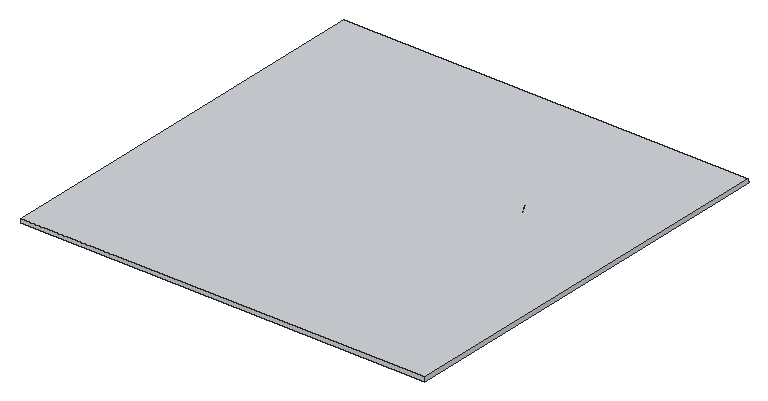
Revit family "Tyco_FireDtctnAlmCtrlIndctEquip_FireClass-AddressableOpticalSmokeDetector", category Fire Alarm Devices, host Face, Revit 2013
Parameters (values of type "FC460P")
  Weight = "(Excluding Base) 76g"
  WarrantyStartDate [instance] = "1900-12-31T23:59:59"
  WarrantyGuarantorParts = "Contact your supplier. If you don’t have your supplier contact details please contact (tfsuk.service@tycoint.com) or (tfseu.service@tycoint.com)"
  WarrantyGuarantorLabor = "Contact your supplier. If you don’t have your supplier contact details please contact (tfsuk.service@tycoint.com) or (tfseu.service@tycoint.com)"
  WarrantyDurationUnit = "Year"
  WarrantyDurationParts = "1.5 years"
  WarrantyDurationLabor = "1.5 years"
  WarrantyDescription = "n/a"
  Voltage = "20 – 40 VDC"
  Version = "1"
  UsageCurrent = "250μA"
  Uniclass2 = "Ee_40_15_75"
  URL = "https://fireclass.co.uk/en/emea/Pages/ProductDetail.aspx?productdetail=FireClass+Fire+Alarm+Addressable+Optical+Flame+Detector+FC460P"
  Type Comments = "Only 4B_Detector or 4B-I_Isolator Detector Bases can be used with FC460P Detector"
  TimeConstant = "n/a"
  TagNumber [instance] = "n/a"
  SustainabilityPerformance = "n/a"
  StorageTemperature = "-40 °C to +80 °C"
  SmokeSensorRange = "n/a"
  Size = "n/a"
  ShortCircuitIsolators = no
  Shape = "n/a"
  SerialNumber [instance] = "n/a"
  Revision = "n/a"
  ReplacementCost = "n/a"
  RelativeHumidity = "95%(non-condensing)"
  Reference = "n/a"
  QuiescentCurrent = "250μA"
  ProductSpecification = "FC460P Addressable Optical Smoke Detector without built in- line isolator and IR Communication Link"
  ProductInformation = "https://fireclass.co.uk/en/emea/Pages/ProductDetail.aspx?productdetail=FireClass+Fire+Alarm+Addressable+Optical+Flame+Detector+FC460P"
  ProductCodes = "516.460.502"
  PressureSensorSetPoint = "n/a"
  PhaseReference = "n/a"
  PhaseAngle = 0.00°
  OperationTemperatureRange = "-25 °C to +70 °C"
  NumberOfPoles = 0
  NominalWidth = 108 mm
  NominalVoltage = "40 V DC"
  NominalLength = 108 mm
  NominalHeight = 42 mm
  NominalFrequencyRange = "n/a"
  NominalDiameter = 108 mm
  NominalCurrent = "n/a"
  Name = "FC460P-Addressable Optical Smoke Detector without built in- line isolator"
  NBSReference = "90-75-30/380"
  NBSDescription = "Fire detection and alarm control and indicating equipment (CIE)"
  ModelReference = "n/a"
  ModelNumber = "FC460P"
  Model = "FC460P"
  Material = "Flame Retardant-FR3010 ‘BAYBLEND'"
  ManufacturerURL = "www.fireclass.net"
  ManufacturerName = "Tyco Fire Protection Products"
  Manufacturer = "Tyco Fire Protection Products"  # constant formula
  InsulationStandardClass = "n/a"
  InstallationDate [instance] = "1900-12-31T23:59:59"
  IfcTypeObject = "IfcBuildingElementProxy"
  IfcExportType = "SMOKESENSOR"
  IfcExportAs = "IfcSensorType"
  IPCode = "IP44"
  HasProtectiveEarth = no
  HasBuiltInAlarm = no
  Grade = "n/a"
  Finish = "n/a"
  Features = "Addressable Optical Smoke Sensor"
  ExpectedLife = "n/a"
  ElectricalDeviceNominalPower = "n/a"
  DurationUnit = "Year"
  DeviceBases = "4B_Detector Base/4B-I_Isolator Detector Base"
  DetectorType = "Smoke Detector"
  Detector Color = Plastic Material White
  Detector Base [instance] = 4B series Detector Bases : 4B_Detector_Base
  Description = "FC460P Addressable Optical Smoke Detector without built in- line isolator and IR Communication Link"
  Default Elevation = 1200 mm
  CoverageArea = "n/a"
  Constituents = "n/a"
  Color = "White"
  CodePerformance = "n/a"
  Category = "Ee_40_15_75"
  Brand = "FireClass"
  BarCode [instance] = "n/a"
  BIMObjectName = "Tyco_FireDtctnAlmCtrlIndctEquip_FireClass-AddressableOpticalSmokeDetector-FC460P"
  Author = "Tyco Fire Protection Products"
  AssetType = "Moveable"
  AssetIdentifier [instance] = "n/a"
  AlarmCurrent = "3.3mA"
  AccuracyOfSmokeSensor = "n/a"
  AccessibilityPerformance = "n/a"
Reference planes
  plane 1 "Center (Front/Back)": y = 0
  plane 2: z = 0
  plane 3 "Center (Left/Right)": x = 0
  plane 4 "Base Ref": z = -13
  plane 5: z = -55
Forms (mm)
  Extrusion 1, solid
    sketch origin (0, 0, 0) x (1, 0, 0) y (0, 1, 0)
      loop
        line (-100, 100) -> (-100, -100) -> (100, -100) -> (100, 100) -> (-100, 100)
    from 0 to 2
Lines and regions (mm)
  symbolic lines
    curve 1: circle (0, 0, 0) r 55 normal (0, 0, 1)
    curve 2: circle (0, 0, 0) r 27.844 normal (0, 0, 1)
    curve 3: line (-54.5, 0, 0) -> (54.5, 0, 0)
    curve 63: line (0, 54.516, 0) -> (0, -54.509, 0)
  symbolic lines, detail levels medium+fine
    curve 4: line (54.5, 0, 0) -> (54, 0, -13)
    curve 5: line (54, 0, -13) -> (-54, 0, -13)
    curve 6: line (-54, 0, -13) -> (-54.5, 0, 0)
    curve 7: arc (-37.856, 0, -36.4) -> (-41.005, 0, -33.439) -> (-44.898, 0, -31.56) r 14.24
    curve 8: arc (-53.231, 0, -21.704) -> (-50.512, 0, -27.856) -> (-44.898, 0, -31.56) r 11.931
    curve 9: arc (-37.856, 0, -36.4) -> (-35.038, 0, -40.489) -> (-32.735, 0, -44.888) r 41.028
    curve 10: arc (-32.735, 0, -44.888) -> (-28.969, 0, -50.351) -> (-22.82, 0, -52.844) r 11.564
    curve 11: arc (0, 0, -55) -> (-11.461, 0, -54.465) -> (-22.82, 0, -52.844) r 120.632
    curve 12: line (-53.231, 0, -21.704) -> (-54, 0, -13)
    curve 13: arc (37.856, 0, -36.4) -> (41.005, 0, -33.439) -> (44.898, 0, -31.56) r 14.24
    curve 14: arc (53.231, 0, -21.704) -> (50.512, 0, -27.856) -> (44.898, 0, -31.56) r 11.931
    curve 15: arc (37.856, 0, -36.4) -> (35.038, 0, -40.489) -> (32.735, 0, -44.888) r 41.028
    curve 16: arc (32.735, 0, -44.888) -> (28.969, 0, -50.351) -> (22.82, 0, -52.844) r 11.564
    curve 17: arc (0, 0, -55) -> (11.461, 0, -54.465) -> (22.82, 0, -52.844) r 120.632
    curve 18: line (53.231, 0, -21.704) -> (54, 0, -13)
    curve 19: spline (-22.136, 0, -44.829) -> (-22.285, 0, -44.257) -> (-22.444, 0, -43.692) -> (-22.614, 0, -43.133) -> (-22.795, 0, -42.58) -> (-22.986, 0, -42.035) -> (-23.187, 0, -41.497) -> (-23.398, 0, -40.966) -> (-23.619, 0, -40.444) -> (-23.851, 0, -39.931) -> (-24.091, 0, -39.426) -> (-24.341, 0, -38.931) -> (-24.601, 0, -38.445)
    curve 20: spline (-24.601, 0, -38.445) -> (-24.702, 0, -38.266) -> (-24.8, 0, -38.089) -> (-24.896, 0, -37.913) -> (-24.989, 0, -37.739) -> (-25.079, 0, -37.565) -> (-25.167, 0, -37.393) -> (-25.251, 0, -37.223) -> (-25.333, 0, -37.055) -> (-25.411, 0, -36.888) -> (-25.487, 0, -36.723) -> (-25.559, 0, -36.561) -> (-25.629, 0, -36.4)
    curve 21: spline (-16.99, 0, -52.18) -> (-17.571, 0, -51.85) -> (-18.133, 0, -51.46) -> (-18.674, 0, -51.012) -> (-19.19, 0, -50.509) -> (-19.678, 0, -49.954) -> (-20.135, 0, -49.35) -> (-20.561, 0, -48.7) -> (-20.951, 0, -48.007) -> (-21.304, 0, -47.275) -> (-21.617, 0, -46.509) -> (-21.89, 0, -45.712) -> (-22.121, 0, -44.888)
    curve 22: spline (-15.029, 0, -52.569) -> (-15.179, 0, -52.575) -> (-15.34, 0, -52.573) -> (-15.509, 0, -52.563) -> (-15.684, 0, -52.545) -> (-15.863, 0, -52.52) -> (-16.042, 0, -52.488) -> (-16.219, 0, -52.45) -> (-16.391, 0, -52.405) -> (-16.557, 0, -52.355) -> (-16.713, 0, -52.3) -> (-16.858, 0, -52.241) -> (-16.99, 0, -52.179)
    curve 23: line (-8.615, 0, -52.569) -> (-15.029, 0, -52.569)
    curve 24: spline (-7.74, 0, -52.193) -> (-7.718, 0, -52.242) -> (-7.714, 0, -52.29) -> (-7.729, 0, -52.336) -> (-7.763, 0, -52.379) -> (-7.816, 0, -52.418) -> (-7.886, 0, -52.454) -> (-7.973, 0, -52.486) -> (-8.076, 0, -52.513) -> (-8.193, 0, -52.535) -> (-8.323, 0, -52.552) -> (-8.464, 0, -52.563) -> (-8.615, 0, -52.569)
    curve 25: spline (-9.631, 0, -44.858) -> (-9.546, 0, -45.688) -> (-9.446, 0, -46.491) -> (-9.331, 0, -47.263) -> (-9.201, 0, -48) -> (-9.057, 0, -48.698) -> (-8.9, 0, -49.353) -> (-8.732, 0, -49.961) -> (-8.552, 0, -50.519) -> (-8.361, 0, -51.024) -> (-8.162, 0, -51.472) -> (-7.955, 0, -51.863) -> (-7.74, 0, -52.193)
    curve 26: spline (-10.535, 0, -38.446) -> (-10.44, 0, -38.934) -> (-10.348, 0, -39.431) -> (-10.26, 0, -39.938) -> (-10.175, 0, -40.454) -> (-10.093, 0, -40.978) -> (-10.016, 0, -41.511) -> (-9.942, 0, -42.052) -> (-9.872, 0, -42.6) -> (-9.806, 0, -43.155) -> (-9.743, 0, -43.716) -> (-9.685, 0, -44.285) -> (-9.631, 0, -44.858)
    curve 27: spline (-11.314, 0, -36.4) -> (-11.222, 0, -36.558) -> (-11.135, 0, -36.719) -> (-11.053, 0, -36.883) -> (-10.976, 0, -37.048) -> (-10.903, 0, -37.216) -> (-10.836, 0, -37.386) -> (-10.773, 0, -37.558) -> (-10.715, 0, -37.732) -> (-10.663, 0, -37.908) -> (-10.615, 0, -38.086) -> (-10.573, 0, -38.265) -> (-10.535, 0, -38.446)
    curve 28: line (-11.314, 0, -36.4) -> (-25.629, 0, -36.4)
    curve 29: line (25.629, 0, -36.4) -> (11.314, 0, -36.4)
    curve 30: spline (10.566, 0, -38.296) -> (10.604, 0, -38.131) -> (10.646, 0, -37.967) -> (10.693, 0, -37.804) -> (10.745, 0, -37.642) -> (10.8, 0, -37.482) -> (10.861, 0, -37.322) -> (10.926, 0, -37.165) -> (10.995, 0, -37.008) -> (11.068, 0, -36.854) -> (11.146, 0, -36.701) -> (11.228, 0, -36.549) -> (11.314, 0, -36.4)
    curve 31: spline (9.631, 0, -44.858) -> (9.686, 0, -44.27) -> (9.747, 0, -43.687) -> (9.811, 0, -43.111) -> (9.879, 0, -42.542) -> (9.951, 0, -41.981) -> (10.028, 0, -41.428) -> (10.108, 0, -40.883) -> (10.192, 0, -40.346) -> (10.28, 0, -39.819) -> (10.371, 0, -39.301) -> (10.467, 0, -38.794) -> (10.566, 0, -38.296)
    curve 32: spline (7.762, 0, -52.162) -> (7.974, 0, -51.829) -> (8.179, 0, -51.436) -> (8.376, 0, -50.987) -> (8.564, 0, -50.482) -> (8.742, 0, -49.926) -> (8.909, 0, -49.32) -> (9.063, 0, -48.669) -> (9.205, 0, -47.976) -> (9.334, 0, -47.244) -> (9.448, 0, -46.478) -> (9.547, 0, -45.681) -> (9.631, 0, -44.858)
    curve 33: spline (8.688, 0, -52.569) -> (8.521, 0, -52.575) -> (8.364, 0, -52.572) -> (8.22, 0, -52.562) -> (8.091, 0, -52.543) -> (7.979, 0, -52.517) -> (7.884, 0, -52.483) -> (7.81, 0, -52.443) -> (7.757, 0, -52.396) -> (7.725, 0, -52.344) -> (7.716, 0, -52.288) -> (7.729, 0, -52.227) -> (7.764, 0, -52.163)
    curve 34: line (8.688, 0, -52.569) -> (15.092, 0, -52.569)
    curve 35: spline (17.057, 0, -52.145) -> (16.931, 0, -52.199) -> (16.791, 0, -52.252) -> (16.637, 0, -52.303) -> (16.473, 0, -52.352) -> (16.301, 0, -52.397) -> (16.124, 0, -52.438) -> (15.944, 0, -52.474) -> (15.763, 0, -52.505) -> (15.585, 0, -52.53) -> (15.413, 0, -52.55) -> (15.247, 0, -52.563) -> (15.092, 0, -52.569)
    curve 36: spline (22.121, 0, -44.888) -> (21.893, 0, -45.704) -> (21.623, 0, -46.494) -> (21.313, 0, -47.254) -> (20.965, 0, -47.98) -> (20.58, 0, -48.668) -> (20.161, 0, -49.314) -> (19.709, 0, -49.916) -> (19.228, 0, -50.469) -> (18.719, 0, -50.971) -> (18.186, 0, -51.419) -> (17.631, 0, -51.811) -> (17.057, 0, -52.145)
    curve 37: spline (24.552, 0, -38.534) -> (24.296, 0, -39.018) -> (24.049, 0, -39.512) -> (23.812, 0, -40.015) -> (23.584, 0, -40.526) -> (23.366, 0, -41.046) -> (23.157, 0, -41.574) -> (22.959, 0, -42.109) -> (22.77, 0, -42.652) -> (22.592, 0, -43.202) -> (22.425, 0, -43.758) -> (22.268, 0, -44.32) -> (22.121, 0, -44.888)
    curve 38: spline (25.629, 0, -36.4) -> (25.553, 0, -36.565) -> (25.475, 0, -36.732) -> (25.394, 0, -36.903) -> (25.31, 0, -37.075) -> (25.224, 0, -37.25) -> (25.135, 0, -37.428) -> (25.044, 0, -37.607) -> (24.95, 0, -37.789) -> (24.854, 0, -37.973) -> (24.756, 0, -38.158) -> (24.655, 0, -38.345) -> (24.552, 0, -38.534)
    curve 39: spline (-5.342, 0, -52.17) -> (-5.554, 0, -51.838) -> (-5.76, 0, -51.446) -> (-5.958, 0, -50.996) -> (-6.146, 0, -50.492) -> (-6.324, 0, -49.935) -> (-6.492, 0, -49.329) -> (-6.647, 0, -48.677) -> (-6.789, 0, -47.982) -> (-6.918, 0, -47.249) -> (-7.032, 0, -46.481) -> (-7.132, 0, -45.683) -> (-7.216, 0, -44.858)
    curve 40: spline (-7.216, 0, -44.858) -> (-7.282, 0, -44.168) -> (-7.354, 0, -43.485) -> (-7.431, 0, -42.812) -> (-7.514, 0, -42.149) -> (-7.603, 0, -41.497) -> (-7.697, 0, -40.857) -> (-7.796, 0, -40.228) -> (-7.901, 0, -39.612) -> (-8.011, 0, -39.01) -> (-8.125, 0, -38.421) -> (-8.245, 0, -37.848) -> (-8.369, 0, -37.289)
    curve 41: spline (-8.369, 0, -37.289) -> (-8.387, 0, -37.213) -> (-8.403, 0, -37.138) -> (-8.418, 0, -37.063) -> (-8.433, 0, -36.988) -> (-8.447, 0, -36.913) -> (-8.46, 0, -36.839) -> (-8.471, 0, -36.765) -> (-8.482, 0, -36.691) -> (-8.492, 0, -36.618) -> (-8.502, 0, -36.545) -> (-8.51, 0, -36.472) -> (-8.517, 0, -36.4)
    curve 42: line (8.517, 0, -36.4) -> (-8.517, 0, -36.4)
    curve 43: spline (8.517, 0, -36.4) -> (8.51, 0, -36.474) -> (8.501, 0, -36.548) -> (8.491, 0, -36.622) -> (8.481, 0, -36.697) -> (8.47, 0, -36.772) -> (8.457, 0, -36.847) -> (8.444, 0, -36.923) -> (8.43, 0, -37) -> (8.415, 0, -37.076) -> (8.399, 0, -37.153) -> (8.383, 0, -37.231) -> (8.365, 0, -37.308)
    curve 44: spline (8.365, 0, -37.308) -> (8.241, 0, -37.866) -> (8.122, 0, -38.438) -> (8.008, 0, -39.025) -> (7.899, 0, -39.626) -> (7.794, 0, -40.241) -> (7.695, 0, -40.868) -> (7.602, 0, -41.507) -> (7.513, 0, -42.157) -> (7.43, 0, -42.818) -> (7.353, 0, -43.489) -> (7.282, 0, -44.17) -> (7.216, 0, -44.858)
    curve 45: spline (7.216, 0, -44.858) -> (7.132, 0, -45.678) -> (7.034, 0, -46.472) -> (6.92, 0, -47.236) -> (6.792, 0, -47.966) -> (6.651, 0, -48.657) -> (6.497, 0, -49.307) -> (6.331, 0, -49.911) -> (6.155, 0, -50.467) -> (5.968, 0, -50.971) -> (5.772, 0, -51.421) -> (5.568, 0, -51.815) -> (5.357, 0, -52.149)
    curve 46: spline (5.355, 0, -52.148) -> (5.306, 0, -52.202) -> (5.236, 0, -52.255) -> (5.147, 0, -52.305) -> (5.039, 0, -52.353) -> (4.913, 0, -52.398) -> (4.773, 0, -52.439) -> (4.62, 0, -52.475) -> (4.456, 0, -52.505) -> (4.283, 0, -52.531) -> (4.104, 0, -52.55) -> (3.922, 0, -52.563) -> (3.739, 0, -52.569)
    curve 47: line (-3.661, 0, -52.569) -> (3.739, 0, -52.569)
    curve 48: spline (-3.661, 0, -52.569) -> (-3.845, 0, -52.575) -> (-4.029, 0, -52.573) -> (-4.211, 0, -52.562) -> (-4.387, 0, -52.544) -> (-4.556, 0, -52.519) -> (-4.715, 0, -52.486) -> (-4.862, 0, -52.446) -> (-4.994, 0, -52.4) -> (-5.109, 0, -52.348) -> (-5.207, 0, -52.292) -> (-5.284, 0, -52.232) -> (-5.341, 0, -52.169)
    curve 49: line (44.898, 0, -31.56) -> (-44.898, 0, -31.56)
    curve 50: spline (0, 37.856, -36.4) -> (0, 37.299, -37.005) -> (0, 36.763, -37.63) -> (0, 36.251, -38.275) -> (0, 35.762, -38.94) -> (0, 35.296, -39.622) -> (0, 34.855, -40.322) -> (0, 34.439, -41.038) -> (0, 34.049, -41.77) -> (0, 33.685, -42.516) -> (0, 33.348, -43.275) -> (0, 33.038, -44.046) -> (0, 32.755, -44.829)
    curve 51: spline (0, 32.755, -44.829) -> (0, 32.382, -45.801) -> (0, 31.928, -46.735) -> (0, 31.397, -47.625) -> (0, 30.793, -48.464) -> (0, 30.122, -49.246) -> (0, 29.387, -49.964) -> (0, 28.594, -50.613) -> (0, 27.75, -51.188) -> (0, 26.861, -51.685) -> (0, 25.934, -52.1) -> (0, 24.975, -52.43) -> (0, 23.992, -52.672)
    curve 52: arc (0, 53.231, -21.704) -> (0, 50.509, -27.854) -> (0, 44.898, -31.56) r 11.949
    curve 53: arc (0, 44.898, -31.56) -> (0, 41.006, -33.441) -> (0, 37.856, -36.4) r 14.284
    curve 54: arc (0, 23.992, -52.672) -> (0, 12.052, -54.412) -> (0, 0, -55) r 125.727
    curve 55: line (0, 53.231, -21.704) -> (0, 53.992, -13)
    curve 56: spline (0, -37.856, -36.4) -> (0, -37.299, -37.005) -> (0, -36.763, -37.63) -> (0, -36.251, -38.275) -> (0, -35.762, -38.94) -> (0, -35.296, -39.622) -> (0, -34.855, -40.322) -> (0, -34.439, -41.038) -> (0, -34.049, -41.77) -> (0, -33.685, -42.516) -> (0, -33.348, -43.275) -> (0, -33.038, -44.046) -> (0, -32.755, -44.829)
    curve 57: spline (0, -32.755, -44.829) -> (0, -32.382, -45.801) -> (0, -31.928, -46.735) -> (0, -31.397, -47.625) -> (0, -30.793, -48.464) -> (0, -30.122, -49.246) -> (0, -29.387, -49.964) -> (0, -28.594, -50.613) -> (0, -27.75, -51.188) -> (0, -26.861, -51.685) -> (0, -25.934, -52.1) -> (0, -24.975, -52.43) -> (0, -23.992, -52.672)
    curve 58: arc (0, -53.231, -21.704) -> (0, -50.509, -27.854) -> (0, -44.898, -31.56) r 11.949
    curve 59: arc (0, -44.898, -31.56) -> (0, -41.006, -33.441) -> (0, -37.856, -36.4) r 14.284
    curve 60: arc (0, -23.992, -52.672) -> (0, -12.052, -54.412) -> (0, 0, -55) r 125.727
    curve 61: line (0, -53.231, -21.704) -> (0, -53.992, -13)
    curve 62: line (0, 53.992, -13) -> (0, -53.992, -13)
    curve 64: line (0, -54.509, 0) -> (0, -53.992, -13)
    curve 65: line (0, 53.992, -13) -> (0, 54.516, 0)
    curve 66: line (0, 53.231, -21.704) -> (0, -53.231, -21.704)
    curve 67: spline (0, 5.342, -52.17) -> (0, 5.554, -51.838) -> (0, 5.76, -51.446) -> (0, 5.958, -50.996) -> (0, 6.146, -50.492) -> (0, 6.324, -49.935) -> (0, 6.492, -49.329) -> (0, 6.647, -48.677) -> (0, 6.789, -47.982) -> (0, 6.918, -47.249) -> (0, 7.032, -46.481) -> (0, 7.132, -45.683) -> (0, 7.216, -44.858)
    curve 68: spline (0, 3.661, -52.569) -> (0, 3.845, -52.575) -> (0, 4.029, -52.573) -> (0, 4.21, -52.562) -> (0, 4.387, -52.544) -> (0, 4.556, -52.519) -> (0, 4.715, -52.486) -> (0, 4.862, -52.446) -> (0, 4.994, -52.4) -> (0, 5.109, -52.348) -> (0, 5.207, -52.292) -> (0, 5.284, -52.232) -> (0, 5.341, -52.169)
    curve 69: line (0, 0, -52.569) -> (0, 3.661, -52.569)
    curve 70: line (0, -3.739, -52.569) -> (0, 0, -52.569)
    curve 71: spline (0, -5.355, -52.148) -> (0, -5.306, -52.202) -> (0, -5.236, -52.255) -> (0, -5.147, -52.305) -> (0, -5.039, -52.353) -> (0, -4.913, -52.398) -> (0, -4.773, -52.439) -> (0, -4.62, -52.475) -> (0, -4.456, -52.505) -> (0, -4.283, -52.531) -> (0, -4.104, -52.55) -> (0, -3.922, -52.563) -> (0, -3.739, -52.569)
    curve 72: spline (0, -7.216, -44.858) -> (0, -7.132, -45.678) -> (0, -7.034, -46.472) -> (0, -6.92, -47.236) -> (0, -6.792, -47.966) -> (0, -6.651, -48.657) -> (0, -6.497, -49.307) -> (0, -6.331, -49.911) -> (0, -6.155, -50.467) -> (0, -5.968, -50.971) -> (0, -5.772, -51.421) -> (0, -5.568, -51.815) -> (0, -5.357, -52.149)
    curve 73: spline (0, -8.365, -37.308) -> (0, -8.241, -37.866) -> (0, -8.122, -38.438) -> (0, -8.008, -39.025) -> (0, -7.899, -39.626) -> (0, -7.794, -40.241) -> (0, -7.695, -40.868) -> (0, -7.602, -41.507) -> (0, -7.513, -42.157) -> (0, -7.43, -42.818) -> (0, -7.353, -43.489) -> (0, -7.282, -44.17) -> (0, -7.216, -44.858)
    curve 74: spline (0, 7.216, -44.858) -> (0, 7.282, -44.165) -> (0, 7.354, -43.48) -> (0, 7.432, -42.805) -> (0, 7.516, -42.14) -> (0, 7.605, -41.486) -> (0, 7.699, -40.843) -> (0, 7.799, -40.212) -> (0, 7.904, -39.594) -> (0, 8.014, -38.99) -> (0, 8.13, -38.4) -> (0, 8.25, -37.825) -> (0, 8.375, -37.265)
    curve 75: spline (0, 8.375, -37.265) -> (0, 8.391, -37.191) -> (0, 8.407, -37.118) -> (0, 8.422, -37.045) -> (0, 8.436, -36.972) -> (0, 8.449, -36.899) -> (0, 8.462, -36.827) -> (0, 8.473, -36.755) -> (0, 8.484, -36.683) -> (0, 8.493, -36.612) -> (0, 8.502, -36.541) -> (0, 8.51, -36.47) -> (0, 8.517, -36.4)
    curve 76: line (0, 8.517, -36.4) -> (0, 0, -36.4)
    curve 77: line (0, 0, -36.4) -> (0, -8.517, -36.4)
    curve 78: spline (0, -8.517, -36.4) -> (0, -8.51, -36.474) -> (0, -8.501, -36.548) -> (0, -8.491, -36.622) -> (0, -8.481, -36.697) -> (0, -8.47, -36.772) -> (0, -8.457, -36.848) -> (0, -8.444, -36.923) -> (0, -8.43, -37) -> (0, -8.415, -37.076) -> (0, -8.399, -37.153) -> (0, -8.383, -37.231) -> (0, -8.365, -37.308)
    curve 79: spline (0, 11.314, -36.4) -> (0, 11.222, -36.558) -> (0, 11.135, -36.719) -> (0, 11.053, -36.882) -> (0, 10.976, -37.048) -> (0, 10.903, -37.216) -> (0, 10.836, -37.386) -> (0, 10.773, -37.558) -> (0, 10.715, -37.732) -> (0, 10.663, -37.907) -> (0, 10.615, -38.085) -> (0, 10.573, -38.264) -> (0, 10.535, -38.445)
    curve 80: spline (0, 10.535, -38.445) -> (0, 10.44, -38.933) -> (0, 10.348, -39.43) -> (0, 10.26, -39.937) -> (0, 10.175, -40.453) -> (0, 10.094, -40.978) -> (0, 10.016, -41.51) -> (0, 9.942, -42.051) -> (0, 9.872, -42.599) -> (0, 9.806, -43.154) -> (0, 9.743, -43.716) -> (0, 9.685, -44.284) -> (0, 9.631, -44.858)
    curve 81: spline (0, 9.631, -44.858) -> (0, 9.546, -45.688) -> (0, 9.446, -46.491) -> (0, 9.33, -47.263) -> (0, 9.201, -48) -> (0, 9.057, -48.698) -> (0, 8.9, -49.353) -> (0, 8.732, -49.961) -> (0, 8.552, -50.519) -> (0, 8.361, -51.024) -> (0, 8.162, -51.472) -> (0, 7.955, -51.863) -> (0, 7.74, -52.193)
    curve 82: spline (0, 7.74, -52.193) -> (0, 7.718, -52.242) -> (0, 7.714, -52.29) -> (0, 7.729, -52.336) -> (0, 7.763, -52.379) -> (0, 7.816, -52.418) -> (0, 7.886, -52.454) -> (0, 7.973, -52.486) -> (0, 8.076, -52.513) -> (0, 8.193, -52.535) -> (0, 8.323, -52.552) -> (0, 8.464, -52.563) -> (0, 8.616, -52.569)
    curve 83: line (0, 8.616, -52.569) -> (0, 15.029, -52.569)
    curve 84: spline (0, 15.029, -52.569) -> (0, 15.179, -52.575) -> (0, 15.34, -52.573) -> (0, 15.509, -52.563) -> (0, 15.684, -52.545) -> (0, 15.863, -52.52) -> (0, 16.041, -52.488) -> (0, 16.219, -52.45) -> (0, 16.391, -52.405) -> (0, 16.557, -52.355) -> (0, 16.713, -52.3) -> (0, 16.858, -52.241) -> (0, 16.99, -52.179)
    curve 85: spline (0, 16.99, -52.18) -> (0, 17.571, -51.85) -> (0, 18.133, -51.46) -> (0, 18.674, -51.012) -> (0, 19.19, -50.509) -> (0, 19.678, -49.954) -> (0, 20.135, -49.35) -> (0, 20.561, -48.7) -> (0, 20.951, -48.007) -> (0, 21.304, -47.275) -> (0, 21.617, -46.509) -> (0, 21.89, -45.712) -> (0, 22.121, -44.888)
    curve 86: spline (0, 22.136, -44.829) -> (0, 22.285, -44.257) -> (0, 22.444, -43.692) -> (0, 22.614, -43.133) -> (0, 22.795, -42.58) -> (0, 22.985, -42.035) -> (0, 23.187, -41.497) -> (0, 23.398, -40.967) -> (0, 23.619, -40.445) -> (0, 23.85, -39.931) -> (0, 24.091, -39.426) -> (0, 24.341, -38.931) -> (0, 24.601, -38.445)
    curve 87: spline (0, 24.601, -38.445) -> (0, 24.702, -38.267) -> (0, 24.8, -38.09) -> (0, 24.896, -37.914) -> (0, 24.989, -37.739) -> (0, 25.079, -37.566) -> (0, 25.167, -37.394) -> (0, 25.251, -37.224) -> (0, 25.333, -37.055) -> (0, 25.411, -36.888) -> (0, 25.487, -36.724) -> (0, 25.559, -36.561) -> (0, 25.629, -36.4)
    curve 88: line (0, 25.629, -36.4) -> (0, 11.314, -36.4)
    curve 89: line (0, -11.314, -36.4) -> (0, -25.629, -36.4)
    curve 90: spline (0, -25.629, -36.4) -> (0, -25.553, -36.565) -> (0, -25.475, -36.733) -> (0, -25.394, -36.903) -> (0, -25.31, -37.076) -> (0, -25.224, -37.251) -> (0, -25.135, -37.428) -> (0, -25.044, -37.608) -> (0, -24.95, -37.789) -> (0, -24.854, -37.973) -> (0, -24.755, -38.159) -> (0, -24.655, -38.346) -> (0, -24.552, -38.535)
    curve 91: spline (0, -24.552, -38.535) -> (0, -24.298, -39.015) -> (0, -24.053, -39.504) -> (0, -23.818, -40.002) -> (0, -23.591, -40.509) -> (0, -23.375, -41.024) -> (0, -23.168, -41.546) -> (0, -22.97, -42.077) -> (0, -22.783, -42.614) -> (0, -22.606, -43.159) -> (0, -22.439, -43.709) -> (0, -22.282, -44.266) -> (0, -22.136, -44.829)
    curve 92: spline (0, -22.121, -44.888) -> (0, -21.893, -45.704) -> (0, -21.623, -46.494) -> (0, -21.313, -47.254) -> (0, -20.965, -47.98) -> (0, -20.58, -48.668) -> (0, -20.161, -49.314) -> (0, -19.709, -49.916) -> (0, -19.228, -50.469) -> (0, -18.719, -50.971) -> (0, -18.186, -51.419) -> (0, -17.631, -51.811) -> (0, -17.057, -52.145)
    curve 93: spline (0, -17.057, -52.145) -> (0, -16.931, -52.199) -> (0, -16.79, -52.252) -> (0, -16.637, -52.304) -> (0, -16.473, -52.352) -> (0, -16.301, -52.397) -> (0, -16.124, -52.438) -> (0, -15.944, -52.474) -> (0, -15.763, -52.505) -> (0, -15.585, -52.53) -> (0, -15.413, -52.55) -> (0, -15.247, -52.563) -> (0, -15.092, -52.569)
    curve 94: line (0, -8.688, -52.569) -> (0, -15.092, -52.569)
    curve 95: spline (0, -8.688, -52.569) -> (0, -8.521, -52.575) -> (0, -8.364, -52.573) -> (0, -8.22, -52.562) -> (0, -8.091, -52.544) -> (0, -7.978, -52.517) -> (0, -7.884, -52.484) -> (0, -7.81, -52.443) -> (0, -7.757, -52.397) -> (0, -7.725, -52.344) -> (0, -7.716, -52.287) -> (0, -7.729, -52.226) -> (0, -7.764, -52.163)
    curve 96: spline (0, -7.763, -52.162) -> (0, -7.975, -51.828) -> (0, -8.18, -51.436) -> (0, -8.376, -50.986) -> (0, -8.564, -50.482) -> (0, -8.742, -49.925) -> (0, -8.909, -49.32) -> (0, -9.063, -48.669) -> (0, -9.205, -47.976) -> (0, -9.334, -47.244) -> (0, -9.448, -46.478) -> (0, -9.547, -45.681) -> (0, -9.631, -44.858)
    curve 97: spline (0, -9.631, -44.858) -> (0, -9.686, -44.27) -> (0, -9.747, -43.687) -> (0, -9.811, -43.111) -> (0, -9.879, -42.542) -> (0, -9.951, -41.981) -> (0, -10.028, -41.427) -> (0, -10.108, -40.882) -> (0, -10.192, -40.346) -> (0, -10.28, -39.818) -> (0, -10.372, -39.301) -> (0, -10.467, -38.793) -> (0, -10.566, -38.295)
    curve 98: spline (0, -10.566, -38.295) -> (0, -10.604, -38.13) -> (0, -10.646, -37.966) -> (0, -10.693, -37.803) -> (0, -10.745, -37.642) -> (0, -10.8, -37.481) -> (0, -10.861, -37.322) -> (0, -10.926, -37.164) -> (0, -10.995, -37.008) -> (0, -11.068, -36.854) -> (0, -11.146, -36.701) -> (0, -11.228, -36.549) -> (0, -11.314, -36.4)
  symbolic lines, detail levels coarse
    curve 99: line (-54.5, 0, -55) -> (-54.5, 0, 0)
    curve 100: line (54.559, 0, -55) -> (-54.5, 0, -55)
    curve 101: line (54.559, 0, 0) -> (54.559, 0, -55)
    curve 102: line (0, 54.516, 0) -> (0, 54.516, -55)
    curve 103: line (0, -54.509, 0) -> (0, -54.509, -55)
    curve 104: line (0, -54.509, -55) -> (0, 54.516, -55)
Dimensions and locks
  locked: plane 4 "Base Ref" to plane 5 at 42
  locked: Extrusion 1 sketch curve to Extrusion 1 sketch curve at 200  (x2)
  locked: plane 3 "Center (Left/Right)" to Extrusion 1 sketch curve at 100
  locked: plane 1 "Center (Front/Back)" to Extrusion 1 sketch curve at 100
  locked: level to plane 4 "Base Ref" at 13
  aligned and locked: plane 2 to Extrusion 1
  aligned and locked: level to Extrusion 1
  aligned and locked: plane 3 "Center (Left/Right)" to nested 1
  aligned and locked: plane 1 "Center (Front/Back)" to nested 1
  aligned and locked: plane 1 "Center (Front/Back)" to nested 2
  aligned and locked: plane 3 "Center (Left/Right)" to nested 2
  aligned and locked: plane 1 "Center (Front/Back)" to curve 1
  aligned and locked: plane 3 "Center (Left/Right)" to curve 1
  aligned and locked: plane 1 "Center (Front/Back)" to curve 2
  aligned and locked: plane 3 "Center (Left/Right)" to curve 2
  aligned and locked: plane 4 "Base Ref" to nested 1
  aligned and locked: nested 1 to Extrusion 1
  aligned and locked: curve 12 to nested 2
  aligned and locked: curve 28 to nested 2
  aligned and locked: nested 1 to curve 62
  aligned and locked: nested 2 to curve 88
  aligned and locked: curve 99 to nested 1
  aligned and locked: plane 5 to curve 100
  aligned and locked: curve 101 to nested 1
  aligned and locked: nested 1 to curve 99
  aligned and locked: plane 5 to curve 104
Nested families
  nested 1: "4B series Detector Bases" at (0, 0, 0), type <- "Detector Base", type "4B_Detector_Base"
  nested 2: "Detector Model" at (0, 0, -13), type "Detector Model"
Connectors
  electrical at (0, 0, 0)
    settings: on plane 2, index 1, voltage 0 V, apparent load 0 VA, apparent load phase1 0 VA, apparent load phase2 0 VA, apparent load phase3 0 VA, power factor 1, load classification "Other", number of poles 1, system type 11, power factor state 1, is connector primary yes, connector utility no, sub classification motor no, connector description "Loop Powered"
Definition of nested family "4B series Detector Bases"
  Parameters (values of type "4B-I_Isolator_Detector_Base")
    Material = Plastic Material White
    Manufacturer = "Tyco"
    Default Elevation = 0 mm
  Types (3): name
    4B_Detector_Base
    4B-C_Continuity_Detector_Base
    4B-I_Isolator_Detector_Base
  Reference planes
    plane 1 "Center (Front/Back)": y = 0
    plane 2: z = 0
    plane 3 "Center (Left/Right)": x = 0
    plane 4 "Base Ref": z = -13
  Forms (mm)
    Revolve 1, solid, material "Plastic Material White" <- "Material"
      sketch origin (0, 0, 0) x (1, 0, 0) y (0, 0, 1)
        loop
          line (0, 0) -> (-54.5, 0) -> (-54.023, -13) -> (0, -13) -> (0, 0)
        axis (0, 0) -> (0, -13)
      angle from 0 to 360
  Dimensions and locks
    locked: plane 3 "Center (Left/Right)" to Revolve 1 sketch curve at 54.5
    plane 3 "Center (Left/Right)" to Revolve 1 sketch curve = 54.023 mm
    locked: level to plane 4 "Base Ref" at 13
    locked: Revolve 1 sketch curve to Revolve 1 sketch curve (angle 87.90°)
    aligned and locked: level to plane 2
    aligned and locked: plane 3 "Center (Left/Right)" to Revolve 1 sketch curve
    aligned and locked: level to Revolve 1 sketch curve
    aligned and locked: Revolve 1 sketch curve to plane 3 "Center (Left/Right)"
    aligned and locked: plane 4 "Base Ref" to Revolve 1 sketch curve
Definition of nested family "Detector Model"
  Parameters (values of type "Detector Model")
    Model = "Detector Model"
    Material = Plastic Material White
    Manufacturer = "Tyco"
  Reference planes
    plane 1 "Center (Front/Back)": y = 0
    plane 2: z = 0
    plane 3 "Center (Left/Right)": x = 0
    plane 4: z = -42
    plane 5 "Ref": z = -23.4
  Forms (mm)
    Revolve 1, solid, material "Plastic Material White" <- "Material"
      sketch origin (0, 0, 0) x (1, 0, 0) y (0, 0, 1)
        loop
          arc (-53.231, -8.704) -> (-50.502, -14.848) -> (-44.898, -18.56) r 12
          arc (-44.898, -18.56) -> (-37.35, -23.928) -> (-32.568, -31.859) r 22.749
          arc (-32.568, -31.859) -> (-29.115, -36.946) -> (-23.598, -39.657) r 12.009
          arc (-23.598, -39.657) -> (-11.857, -41.413) -> (0, -42) r 120
          line (0, -42) -> (0, -39.5)
          arc (0, -39.5) -> (-11.964, -38.889) -> (-23.804, -37.064) r 117.5
          line (-23.804, -37.064) -> (-27.901, -23.206) -> (-38.112, -19.797)
          arc (-38.112, -19.797) -> (-40.949, -17.799) -> (-44.033, -16.209) r 25.249
          arc (-44.033, -16.209) -> (-48.534, -13.303) -> (-50.746, -8.424) r 9.5
          line (-50.746, -8.424) -> (-51.49, 0) -> (-54, 0) -> (-53.231, -8.704)
        axis (0, 0) -> (0, -42)
      angle from 0 to 360
    Extrusion 2, void
      sketch origin (0, 0, 0) x (1, 0, 0) y (0, 1, 0)
        loop
          arc (3.675, 23.717) -> (4.724, 23.943) -> (5.354, 24.811) r 1.5
          line (5.354, 24.811) -> (8.376, 36.088)
          arc (8.376, 36.088) -> (8.535, 37.153) -> (8.464, 38.226) r 5
          line (8.464, 38.226) -> (7.11, 45.906)
          arc (7.11, 45.906) -> (0, 46.454) -> (-7.11, 45.906) r 46.454
          line (-7.11, 45.906) -> (-8.464, 38.226)
          arc (-8.464, 38.226) -> (-8.535, 37.14) -> (-8.369, 36.064) r 5
          line (-8.369, 36.064) -> (-5.354, 24.811)
          arc (-5.354, 24.811) -> (-4.724, 23.943) -> (-3.675, 23.717) r 1.5
          arc (-3.675, 23.717) -> (0, 24) -> (3.675, 23.717) r 24
        loop
          line (-34.489, 10.535) -> (-24.164, 7.769)
          arc (-24.164, 7.769) -> (-23.097, 7.88) -> (-22.377, 8.675) r 1.5
          arc (-22.377, 8.675) -> (-20.785, 12) -> (-18.702, 15.041) r 24
          arc (-18.702, 15.041) -> (-18.373, 16.063) -> (-18.81, 17.042) r 1.5
          line (-18.81, 17.042) -> (-26.368, 24.601)
          arc (-26.368, 24.601) -> (-27.121, 25.219) -> (-27.978, 25.679) r 5
          line (-27.978, 25.679) -> (-36.201, 29.11)
          arc (-36.201, 29.11) -> (-40.23, 23.227) -> (-43.311, 16.796) r 46.454
          line (-43.311, 16.796) -> (-36.229, 11.391)
          arc (-36.229, 11.391) -> (-35.401, 10.878) -> (-34.489, 10.535) r 5
        loop
          line (-24.811, 5.354) -> (-36.089, 8.376)
          arc (-36.089, 8.376) -> (-37.153, 8.535) -> (-38.226, 8.464) r 5
          line (-38.226, 8.464) -> (-45.906, 7.11)
          arc (-45.906, 7.11) -> (-46.454, 0) -> (-45.906, -7.11) r 46.454
          line (-45.906, -7.11) -> (-38.226, -8.464)
          arc (-38.226, -8.464) -> (-37.153, -8.535) -> (-36.088, -8.376) r 5
          line (-36.088, -8.376) -> (-24.811, -5.354)
          arc (-24.811, -5.354) -> (-23.943, -4.724) -> (-23.717, -3.675) r 1.5
          arc (-23.717, -3.675) -> (-24, 0) -> (-23.717, 3.675) r 24
          arc (-23.717, 3.675) -> (-23.943, 4.724) -> (-24.811, 5.354) r 1.5
        loop
          line (-24.601, 26.369) -> (-17.042, 18.81)
          arc (-17.042, 18.81) -> (-16.063, 18.373) -> (-15.041, 18.702) r 1.5
          arc (-15.041, 18.702) -> (-12, 20.785) -> (-8.676, 22.377) r 24
          arc (-8.676, 22.377) -> (-7.88, 23.097) -> (-7.769, 24.164) r 1.5
          line (-7.769, 24.164) -> (-10.535, 34.489)
          arc (-10.535, 34.489) -> (-10.878, 35.4) -> (-11.39, 36.228) r 5
          line (-11.39, 36.228) -> (-16.796, 43.311)
          arc (-16.796, 43.311) -> (-23.227, 40.23) -> (-29.11, 36.201) r 46.454
          line (-29.11, 36.201) -> (-25.68, 27.979)
          arc (-25.68, 27.979) -> (-25.219, 27.121) -> (-24.601, 26.369) r 5
        loop
          arc (7.772, 24.177) -> (7.877, 23.103) -> (8.675, 22.377) r 1.5
          arc (8.675, 22.377) -> (12, 20.785) -> (15.041, 18.702) r 24
          arc (15.041, 18.702) -> (16.062, 18.373) -> (17.042, 18.81) r 1.5
          line (17.042, 18.81) -> (24.601, 26.369)
          arc (24.601, 26.369) -> (25.219, 27.121) -> (25.68, 27.979) r 5
          line (25.68, 27.979) -> (29.11, 36.201)
          arc (29.11, 36.201) -> (23.227, 40.23) -> (16.796, 43.311) r 46.454
          line (16.796, 43.311) -> (11.39, 36.228)
          arc (11.39, 36.228) -> (10.878, 35.4) -> (10.535, 34.489) r 5
          line (10.535, 34.489) -> (7.772, 24.177)
        loop
          arc (18.818, 17.05) -> (18.373, 16.068) -> (18.702, 15.041) r 1.5
          arc (18.702, 15.041) -> (20.785, 12) -> (22.377, 8.675) r 24
          arc (22.377, 8.675) -> (23.097, 7.88) -> (24.164, 7.769) r 1.5
          line (24.164, 7.769) -> (34.489, 10.535)
          arc (34.489, 10.535) -> (35.401, 10.878) -> (36.229, 11.391) r 5
          line (36.229, 11.391) -> (43.311, 16.796)
          arc (43.311, 16.796) -> (40.23, 23.227) -> (36.201, 29.11) r 46.454
          line (36.201, 29.11) -> (27.978, 25.679)
          arc (27.978, 25.679) -> (27.121, 25.219) -> (26.368, 24.601) r 5
          line (26.368, 24.601) -> (18.818, 17.05)
        loop
          arc (23.717, -3.675) -> (23.943, -4.724) -> (24.811, -5.354) r 1.5
          line (24.811, -5.354) -> (36.085, -8.375)
          arc (36.085, -8.375) -> (37.151, -8.535) -> (38.226, -8.464) r 5
          line (38.226, -8.464) -> (45.906, -7.11)
          arc (45.906, -7.11) -> (46.454, 0) -> (45.906, 7.11) r 46.454
          line (45.906, 7.11) -> (38.226, 8.464)
          arc (38.226, 8.464) -> (37.151, 8.535) -> (36.085, 8.375) r 5
          line (36.085, 8.375) -> (24.811, 5.354)
          arc (24.811, 5.354) -> (23.943, 4.724) -> (23.717, 3.675) r 1.5
          arc (23.717, 3.675) -> (24, 0) -> (23.717, -3.675) r 24
        loop
          arc (18.702, -15.041) -> (18.372, -16.057) -> (18.802, -17.034) r 1.5
          line (18.802, -17.034) -> (26.368, -24.601)
          arc (26.368, -24.601) -> (27.121, -25.219) -> (27.978, -25.679) r 5
          line (27.978, -25.679) -> (36.201, -29.11)
          arc (36.201, -29.11) -> (40.23, -23.227) -> (43.311, -16.796) r 46.454
          line (43.311, -16.796) -> (36.229, -11.391)
          arc (36.229, -11.391) -> (35.401, -10.878) -> (34.489, -10.535) r 5
          line (34.489, -10.535) -> (24.164, -7.769)
          arc (24.164, -7.769) -> (23.097, -7.88) -> (22.377, -8.675) r 1.5
          arc (22.377, -8.675) -> (20.785, -12) -> (18.702, -15.041) r 24
        loop
          arc (8.675, -22.377) -> (7.883, -23.091) -> (7.765, -24.151) r 1.5
          line (7.765, -24.151) -> (10.535, -34.489)
          arc (10.535, -34.489) -> (10.878, -35.4) -> (11.39, -36.228) r 5
          line (11.39, -36.228) -> (16.796, -43.311)
          arc (16.796, -43.311) -> (23.227, -40.23) -> (29.11, -36.201) r 46.454
          line (29.11, -36.201) -> (25.68, -27.979)
          arc (25.68, -27.979) -> (25.219, -27.121) -> (24.601, -26.369) r 5
          line (24.601, -26.369) -> (17.042, -18.81)
          arc (17.042, -18.81) -> (16.062, -18.373) -> (15.041, -18.702) r 1.5
          arc (15.041, -18.702) -> (12, -20.785) -> (8.675, -22.377) r 24
        loop
          line (8.376, -36.088) -> (5.354, -24.811)
          arc (5.354, -24.811) -> (4.724, -23.943) -> (3.675, -23.717) r 1.5
          arc (3.675, -23.717) -> (0, -24) -> (-3.675, -23.717) r 24
          arc (-3.675, -23.717) -> (-4.724, -23.943) -> (-5.354, -24.811) r 1.5
          line (-5.354, -24.811) -> (-8.369, -36.064)
          arc (-8.369, -36.064) -> (-8.535, -37.14) -> (-8.464, -38.226) r 5
          line (-8.464, -38.226) -> (-7.11, -45.906)
          arc (-7.11, -45.906) -> (0, -46.454) -> (7.11, -45.906) r 46.454
          line (7.11, -45.906) -> (8.464, -38.226)
          arc (8.464, -38.226) -> (8.535, -37.153) -> (8.376, -36.088) r 5
        loop
          line (-10.535, -34.489) -> (-7.769, -24.164)
          arc (-7.769, -24.164) -> (-7.88, -23.097) -> (-8.676, -22.377) r 1.5
          arc (-8.676, -22.377) -> (-12, -20.785) -> (-15.041, -18.702) r 24
          arc (-15.041, -18.702) -> (-16.063, -18.373) -> (-17.042, -18.81) r 1.5
          line (-17.042, -18.81) -> (-24.601, -26.369)
          arc (-24.601, -26.369) -> (-25.219, -27.121) -> (-25.68, -27.979) r 5
          line (-25.68, -27.979) -> (-29.11, -36.201)
          arc (-29.11, -36.201) -> (-23.227, -40.23) -> (-16.796, -43.311) r 46.454
          line (-16.796, -43.311) -> (-11.39, -36.228)
          arc (-11.39, -36.228) -> (-10.878, -35.4) -> (-10.535, -34.489) r 5
        loop
          line (-26.368, -24.601) -> (-18.81, -17.042)
          arc (-18.81, -17.042) -> (-18.373, -16.063) -> (-18.702, -15.041) r 1.5
          arc (-18.702, -15.041) -> (-20.785, -12) -> (-22.377, -8.675) r 24
          arc (-22.377, -8.675) -> (-23.097, -7.88) -> (-24.164, -7.769) r 1.5
          line (-24.164, -7.769) -> (-34.489, -10.535)
          arc (-34.489, -10.535) -> (-35.401, -10.878) -> (-36.229, -11.391) r 5
          line (-36.229, -11.391) -> (-43.311, -16.796)
          arc (-43.311, -16.796) -> (-40.23, -23.227) -> (-36.201, -29.11) r 46.454
          line (-36.201, -29.11) -> (-27.978, -25.679)
          arc (-27.978, -25.679) -> (-27.121, -25.219) -> (-26.368, -24.601) r 5
      from -42 to -23.4
    Revolve 3, solid, material "Material Black", detail levels fine
      sketch origin (0, 0, 0) x (1, 0, 0) y (0, 0, 1)
        loop
          line (0, -39.569) -> (0, 0) -> (-50, 0) -> (-50, -8.704) -> (-34, -8.704)
          arc (-34, -8.704) -> (-31.172, -9.876) -> (-30, -12.704) r 4
          line (-30, -12.704) -> (-30, -21.4)
          arc (-30, -21.4) -> (-29.414, -22.814) -> (-28, -23.4) r 2
          line (-28, -23.4) -> (-22, -23.4)
          arc (-22, -23.4) -> (-20.586, -23.986) -> (-20, -25.4) r 2
          line (-20, -25.4) -> (-20, -37.569)
          arc (-20, -37.569) -> (-19.414, -38.983) -> (-18, -39.569) r 2
          line (-18, -39.569) -> (0, -39.569)
        axis (0, 0) -> (0, -39.569)
      angle from 0 to 360
  Cuts and joins
    Extrusion 2 cuts Revolve 1
  Dimensions and locks
    locked: level to plane 4 at 42
    locked: Revolve 1 sketch curve to Revolve 1 sketch curve at 2.5
    locked: plane 3 "Center (Left/Right)" to Revolve 1 sketch curve at 54
    locked: level to plane 5 "Ref" at 23.4
    locked: plane 3 "Center (Left/Right)" to Revolve 3 sketch curve at 50
    locked: plane 3 "Center (Left/Right)" to Revolve 3 sketch curve at 30
    locked: plane 3 "Center (Left/Right)" to Revolve 3 sketch curve at 20
    aligned and locked: level to plane 2
    aligned and locked: Revolve 1 sketch curve to plane 3 "Center (Left/Right)"  (x2)
    aligned and locked: plane 4 to Revolve 1 sketch curve
    aligned and locked: Revolve 1 sketch curve to level
    aligned and locked: plane 4 to Extrusion 2
    aligned and locked: plane 5 "Ref" to cut or joined group of Revolve 1, Extrusion 2
    aligned and locked: Revolve 3 sketch curve to plane 3 "Center (Left/Right)"  (x2)
    aligned and locked: cut or joined group of Revolve 1, Extrusion 2 to Revolve 3 sketch curve
    aligned and locked: Revolve 3 sketch curve to cut or joined group of Revolve 1, Extrusion 2
    aligned and locked: Revolve 3 sketch curve to level
    aligned and locked: Revolve 3 sketch curve to Revolve 3 sketch curve
